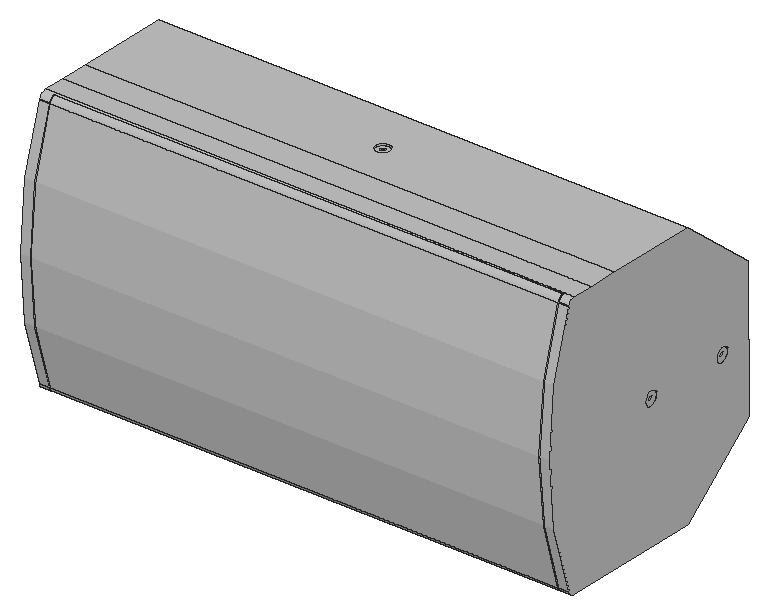
Revit family "Electronics_Community-Point-Source_Biamp_Loudspeaker_IC6_2082WR", category Communication Devices, host Face, Revit 2020
Family settings
  Host = Face
  Maintain Annotation Orientation = No
  Round Connector Dimension = Use Diameter
  Part Type = Normal
  OmniClass Number = 23.85.10.11.14.14.14
  OmniClass Title = Loudspeakers
  Cut with Voids When Loaded = No
  Shared = No
  Room Calculation Point = No
Parameters (values of type "Please download a type catalog")
  Width = 22.46"  # constant formula
  Weight = 0.00 lbf
  URL = "https://www.biamp.com/"
  Transducers = "LF 2 x 8 (203mm) ferrite driver, 1.5 (37mm) voice coil, HF 1 x 1 (25mm) exit, 1.7 (44mm) voice coil, ketone polymer diaphragm, neodymium compression driver"  # constant formula
  Recommended Amplifers = "300W -600W @ 16 ohms,  (69V - 98V)"  # constant formula
  Product data url = "https://www.bimobject.com/biamp/product/ic6-2082wr_community-point-source"
  Product Page URL = "https://www.biamp.com/products/product-families/community/point-source#ic6-2082wr"
  Product Documentation Link = ""
  Operating Range = ""
  Operating Mode = "Low Impedance or 70V/100V models"  # constant formula
  Operating Environment = "Indoor or Weather-Resistant Outdoor "  # constant formula
  Nominal Sensitivity = ""
  Nominal Maximum SPL = ""
  Nominal Beamwidth  (H x V) = ""
  Mounting Points = "M10 threaded inserts; M8 threaded inserts (rear)"  # constant formula
  Model = ""
  Manufacturer = "Biamp"  # constant formula
  Input Connection = "Screw terminal block (5-position)"  # constant formula
  Housing Material = Biamp - Plastic - Gray
  Height = 11.30"  # constant formula
  Grill Material = Biamp - Plastic - Gray(Grid)
  Equalized Sensitivity = ""
  Equalized Maximum SPL = ""
  Environmental = "Outdoor:  IP55W per IEC 60529, MIL-STD-810G"  # constant formula
  Description = "IC6-2082WR High Output Dual 8-Inch Two-Way Installation Loudspeaker"  # constant formula
  Depth = 10.62"  # constant formula
  Default Elevation = 48.00"
  Connector Description = ""
Reference planes (in)
  plane 1 "Center (Front/Back)": y = 0
  plane 2: z = 0
  plane 3 "Center (Left/Right)": x = 0
Forms (in)
  Extrusion 1, solid, material "Biamp - Plastic - Gray" <- "Housing Material", detail levels medium+fine
    sketch origin (0, 0.19725, 0) x (0, -1, 0) y (0, 0, 1)
      loop
        line (4.03942, 11.29972) -> (3.16528, 11.29972) -> (1.91528, 11.29972) -> (-1.95058, 11.29972) -> (-5.16, 8.6067) -> (-5.16, 2.69302) -> (-1.95058, 0) -> (4.03942, 0)
        arc (4.03942, 0) -> (4.25161, 0.06576) -> (4.38942, 0.24) r 0.37521
        arc (4.38942, 0.24) -> (5.39804, 5.64986) -> (4.38942, 11.05972) r 15.01257
        arc (4.38942, 11.05972) -> (4.3816, 11.07844) -> (4.37278, 11.09672) r 0.37521
        arc (4.37278, 11.09672) -> (4.23457, 11.24498) -> (4.03942, 11.29972) r 0.37521
    from -11.23 to 11.23
  Extrusion 2, void
    sketch origin (0, 0, 0) x (0, 1, 0) y (0, 0, 1)
      loop
        arc (-4.41092, 0.24) -> (-4.20229, 0.02765) -> (-3.90467, 0.03408) r 0.37521
        line (-3.90467, 0.03408) -> (-3.90467, 11.26564)
        arc (-3.90467, 11.26564) -> (-4.20229, 11.27207) -> (-4.41092, 11.05972) r 0.37521
        arc (-4.41092, 11.05972) -> (-5.41954, 5.64986) -> (-4.41092, 0.24) r 15.01257
    from -10.8 to 10.8
  Extrusion 3, solid, material "Biamp - Plastic - Gray(Grid)" <- "Grill Material", detail levels medium+fine
    sketch origin (0, 0, 0) x (0, 1, 0) y (0, 0, 1)
      loop
        arc (-4.19217, 0.24) -> (-4.09764, 0.10041) -> (-3.95154, 0.0163) r 0.37521
        arc (-3.95154, 0.0163) -> (-3.92781, 0.0244) -> (-3.90467, 0.03408) r 0.37521
        line (-3.90467, 0.03408) -> (-3.90467, 11.26564)
        arc (-3.90467, 11.26564) -> (-3.92781, 11.27532) -> (-3.95154, 11.28343) r 0.37521
        arc (-3.95154, 11.28343) -> (-4.09764, 11.19931) -> (-4.19217, 11.05972) r 0.37521
        arc (-4.19217, 11.05972) -> (-5.20079, 5.64986) -> (-4.19217, 0.24) r 15.01257
    from -10.8 to 10.8
  Extrusion 4, void
    sketch origin (0, 0, 0) x (0, 1, 0) y (0, 0, 1)
      loop
        circle (3.97725, 5.64986) r 0.31
      loop
        circle (0.19725, 5.64986) r 0.31
    from 11.18 to 11.23
  Extrusion 5, void
    sketch origin (0, 0, 0) x (0, 1, 0) y (0, 0, 1)
      loop
        circle (0.19725, 5.64986) r 0.1
      loop
        circle (3.97725, 5.64986) r 0.1
    from 11.16 to 11.18
  Extrusion 6, void
    sketch origin (0, 0, 0) x (0, 1, 0) y (0, 0, -1)
      loop
        circle (3.97725, -5.64986) r 0.31
      loop
        circle (0.19725, -5.64986) r 0.31
    from 11.18 to 11.23
  Extrusion 7, void
    sketch origin (0, 0, 0) x (0, 1, 0) y (0, 0, -1)
      loop
        circle (0.19725, -5.64986) r 0.1
      loop
        circle (3.97725, -5.64986) r 0.1
    from 11.16 to 11.18
  Extrusion 8, void
    sketch origin (0, 0, 0) x (1, 0, 0) y (0, 1, 0)
      loop
        circle (0, 0) r 0.31
    from 11.25 to 11.29972
  Extrusion 9, void
    sketch origin (0, 0, 0) x (1, 0, 0) y (0, 1, 0)
      loop
        circle (0, 0) r 0.1
    from 11.23 to 11.25
  Extrusion 10, void
    sketch origin (0, 0, 0) x (1, 0, 0) y (0, 0, 1)
      loop
        circle (9.85, 5.64986) r 0.31
    from -5.35725 to -5.31
  Extrusion 11, void
    sketch origin (0, 0, 0) x (1, 0, 0) y (0, 0, 1)
      loop
        circle (9.85, 5.64986) r 0.1
    from -5.29 to -5.31
  Extrusion 12, void
    sketch origin (0, 0, 0) x (-1, 0, 0) y (0, 0, -1)
      loop
        circle (9.85, -5.64986) r 0.31
    from -5.35725 to -5.31
  Extrusion 13, void
    sketch origin (0, 0, 0) x (-1, 0, 0) y (0, 0, -1)
      loop
        circle (9.85, -5.64986) r 0.1
      loop
        circle (3.5, -7.27486) r 0.1
      loop
        circle (3.5, -4.02486) r 0.1
      loop
        circle (1, -5.64986) r 0.1
      loop
        circle (-1.5, -7.27486) r 0.1
      loop
        circle (-1.5, -4.02486) r 0.1
    from -5.29 to -5.31
  Extrusion 14, void
    sketch origin (0, 0, 0) x (1, 0, 0) y (0, 0, 1)
      loop
        line (7.91, 4.02486) -> (7.91, 7.27486) -> (2.46, 7.27486) -> (2.46, 4.02486) -> (7.91, 4.02486)
    from -5.6056 to -5.07063
  Extrusion 15, void
    sketch origin (0, 0, 0) x (1, 0, 0) y (0, 0, 1)
      loop
        circle (-3.5, 7.27486) r 0.31
      loop
        circle (-3.5, 4.02486) r 0.31
      loop
        circle (1.5, 7.27486) r 0.31
      loop
        circle (1.5, 4.02486) r 0.31
      loop
        circle (-1, 5.64986) r 0.31
    from -5.36 to -5.31
  Extrusion 16, solid, material "Biamp - Plastic - Gray" <- "Housing Material", detail levels medium+fine
    sketch origin (0, 5.35725, 1.12488) x (0, 0, 1) y (1, 0, 0)
      loop
        line (4.27498, 7.46) -> (4.27498, 2.91) -> (4.77498, 2.91) -> (4.77498, 7.46) -> (4.27498, 7.46)
    from -0.28662 to -0.15846
  Extrusion 17, solid, material "Biamp - Plastic - Gray" <- "Housing Material", detail levels coarse
    sketch origin (0, 0, 0) x (0, 1, 0) y (0, 0, 1)
      loop
        line (2.14783, 11.29972) -> (-1.71803, 11.29972) -> (-2.96803, 11.29972) -> (-3.84217, 11.29972)
        arc (-3.84217, 11.29972) -> (-4.05436, 11.23396) -> (-4.19217, 11.05972) r 0.37521
        arc (-4.19217, 11.05972) -> (-5.20079, 5.64986) -> (-4.19217, 0.24) r 15.01257
        arc (-4.19217, 0.24) -> (-4.05436, 0.06576) -> (-3.84217, 0) r 0.37521
        line (-3.84217, 0) -> (2.14783, 0) -> (5.35725, 2.69302) -> (5.35725, 8.6067) -> (2.14783, 11.29972)
    from -11.23 to 11.23
Cuts and joins
  Extrusion 2, Extrusion 4, Extrusion 5, Extrusion 6, Extrusion 7, Extrusion 8, Extrusion 9, Extrusion 10, Extrusion 11, Extrusion 12, Extrusion 13, Extrusion 14, Extrusion 15 cuts Extrusion 1
  joined: Extrusion 1, Extrusion 16
  Extrusion 10, Extrusion 11, Extrusion 14, Extrusion 15 cuts Extrusion 3
Lines and regions (in)
  Masking region 1, detail levels medium+fine
    outline origin (0, 0, 0) x (1, 0, 0) y (0, 1, 0)
      loop
        line (-11.23, 5.35725) -> (-11.23, -5.20079) -> (11.23, -5.20079) -> (11.23, 5.35725) -> (-11.23, 5.35725)
  Masking region 2, detail levels coarse
    outline origin (0, 0, 0) x (1, 0, 0) y (0, 1, 0)
      loop
        line (-11.23, 5.35725) -> (-11.23, -5.20079) -> (11.23, -5.20079) -> (11.23, 5.35725) -> (-11.23, 5.35725)
  symbolic lines, detail levels medium+fine
    curve 1: arc (-0.31, 0, 0) -> (0, -0.31, 0) -> (0.31, 0, 0) r 0.31
    curve 2: arc (0.31, 0, 0) -> (0, 0.31, 0) -> (-0.31, 0, 0) r 0.31
    curve 3: arc (-0.1, 0, 0) -> (0, -0.1, 0) -> (0.1, 0, 0) r 0.1
    curve 4: arc (0.1, 0, 0) -> (0, 0.1, 0) -> (-0.1, 0, 0) r 0.1
    curve 5: line (-11.23, 2.14783, 0) -> (11.23, 2.14783, 0)
    curve 6: line (10.8, -5.20079, 0) -> (10.8, -3.90467, 0)
    curve 7: line (10.8, -3.90467, 0) -> (-10.8, -3.90467, 0)
    curve 8: line (-10.8, -3.90467, 0) -> (-10.8, -5.20079, 0)
Dimensions and locks (in)
  aligned and locked: plane 2 to host face
  aligned and locked: level to host face
Connectors (in)
  electrical at (5.185, 5.19879, 5.64986), driven by "Connector Description"
    settings: on Extrusion 16, index 1, voltage 0 V, apparent load 0 VA, apparent load phase1 0 VA, apparent load phase2 0 VA, apparent load phase3 0 VA, power factor 1, load classification "Other", number of poles 1, system type 5, power factor state 1, is connector primary yes, connector utility no, sub classification motor no, connector description ""
Types in the file's own list only (12): name | Width | Weight | Product Documentation Link | Operating Range | Operating Environment | Nominal Sensitivity | Nominal Maximum SPL | Nominal Beamwidth  (H x V) | Model | Housing Material | Height | Grill Material | Equalized Sensitivity | Equalized Maximum SPL | Depth | Default Elevation | Connector Description
  IC6-2082WR26 G | 22.46 " | 23.90 lbf | "https://downloads.biamp.com/assets/docs/default-source/data-sheets/biamp_data_sheet_community_ic6-2082-26.pdf" | "49 Hz to 20 kHz" | "Indoor or Weather-Resistant Outdoor" | "1W/1m - 92 dB; 2.83V - 92 dB" | "Peak - 130 dB; Continuosus - 124 dB" | "120° x  60°" | "IC6-2082WR26 G" | Biamp - Plastic - Gray | 11.30 " | Biamp - Plastic - Gray(Grid) | "1W/1m - 99 dB; 2.83V - 96 dB" | "Peak - 130 dB; Continuosus - 124 dB" | 10.62 " | 48.00 " | "Screw terminal block (5-position); Low impedance (16 ohm)"
  IC6-2082WR26 W | 22.46 " | 23.90 lbf | "https://downloads.biamp.com/assets/docs/default-source/data-sheets/biamp_data_sheet_community_ic6-2082-26.pdf" | "49 Hz to 20 kHz" | "Indoor or Weather-Resistant Outdoor" | "1W/1m - 92 dB; 2.83V - 92 dB" | "Peak - 130 dB; Continuosus - 124 dB" | "120° x  60°" | "IC6-2082WR26 W" | Biamp - Plastic - White | 11.30 " | Biamp - Plastic - White(Grid) | "1W/1m - 99 dB; 2.83V - 96 dB" | "Peak - 130 dB; Continuosus - 124 dB" | 10.62 " | 48.00 " | "Screw terminal block (5-position); Low impedance (16 ohm)"
  IC6-2082WR26 B | 22.46 " | 23.90 lbf | "https://downloads.biamp.com/assets/docs/default-source/data-sheets/biamp_data_sheet_community_ic6-2082-26.pdf" | "49 Hz to 20 kHz" | "Indoor or Weather-Resistant Outdoor" | "1W/1m - 92 dB; 2.83V - 92 dB" | "Peak - 130 dB; Continuosus - 124 dB" | "120° x  60°" | "IC6-2082WR26 B" | Biamp - Plastic - Black | 11.30 " | Biamp - Plastic - Black(Grid) | "1W/1m - 99 dB; 2.83V - 96 dB" | "Peak - 130 dB; Continuosus - 124 dB" | 10.62 " | 48.00 " | "Screw terminal block (5-position); Low impedance (16 ohm)"
  IC6-2082WR96 G | 22.46 " | 23.90 lbf | "https://downloads.biamp.com/assets/docs/default-source/data-sheets/biamp_data_sheet_community_ic6-2082-96.pdf" | "50 Hz to 19.5 kHz" | "Indoor or Weather-Resistant Outdoor" | "1W/1m - 100 dB; 2.83V - 97 dB" | "Peak - 131 dB; Continuosus - 125 dB" | "90° x  60°" | "IC6-2082WR96 G" | Biamp - Plastic - Gray | 11.30 " | Biamp - Plastic - Gray(Grid) | "1W/1m - 99 dB; 2.83V - 96 dB" | "Peak - 130 dB; Continuosus - 124 dB" | 10.62 " | 48.00 " | "Screw terminal block (5-position); Low impedance (16 ohm)"
  IC6-2082WR96 W | 22.46 " | 23.90 lbf | "https://downloads.biamp.com/assets/docs/default-source/data-sheets/biamp_data_sheet_community_ic6-2082-96.pdf" | "50 Hz to 19.5 kHz" | "Indoor or Weather-Resistant Outdoor" | "1W/1m - 100 dB; 2.83V - 97 dB" | "Peak - 131 dB; Continuosus - 125 dB" | "90° x  60°" | "IC6-2082WR96 W" | Biamp - Plastic - White | 11.30 " | Biamp - Plastic - White(Grid) | "1W/1m - 99 dB; 2.83V - 96 dB" | "Peak - 130 dB; Continuosus - 124 dB" | 10.62 " | 48.00 " | "Screw terminal block (5-position); Low impedance (16 ohm)"
  IC6-2082WR96 B | 22.46 " | 23.90 lbf | "https://downloads.biamp.com/assets/docs/default-source/data-sheets/biamp_data_sheet_community_ic6-2082-96.pdf" | "50 Hz to 19.5 kHz" | "Indoor or Weather-Resistant Outdoor" | "1W/1m - 100 dB; 2.83V - 97 dB" | "Peak - 131 dB; Continuosus - 125 dB" | "90° x  60°" | "IC6-2082WR96 B" | Biamp - Plastic - Black | 11.30 " | Biamp - Plastic - Black(Grid) | "1W/1m - 99 dB; 2.83V - 96 dB" | "Peak - 130 dB; Continuosus - 124 dB" | 10.62 " | 48.00 " | "Screw terminal block (5-position); Low impedance (16 ohm)"
  IC6-2082WT26 G | 22.46 " | 27.90 lbf | "https://downloads.biamp.com/assets/docs/default-source/data-sheets/biamp_data_sheet_community_ic6-2082-26.pdf" | "49 Hz to 20 kHz" | "Indoor or Weather-Resistant Outdoor" | "1W/1m - 92 dB; 2.83V - 92 dB" | "Peak - 130 dB; Continuosus - 124 dB" | "120° x  60°" | "IC6-2082WT26 G" | Biamp - Plastic - Gray | 11.30 " | Biamp - Plastic - Gray(Grid) | "1W/1m - 99 dB; 2.83V - 96 dB" | "Peak - 130 dB; Continuosus - 124 dB" | 10.62 " | 48.00 " | "Screw terminal block (5-position); 70/100V applications"
  IC6-2082WT26 W | 22.46 " | 27.90 lbf | "https://downloads.biamp.com/assets/docs/default-source/data-sheets/biamp_data_sheet_community_ic6-2082-26.pdf" | "49 Hz to 20 kHz" | "Indoor or Weather-Resistant Outdoor" | "1W/1m - 92 dB; 2.83V - 92 dB" | "Peak - 130 dB; Continuosus - 124 dB" | "120° x  60°" | "IC6-2082WT26 W" | Biamp - Plastic - White | 11.30 " | Biamp - Plastic - White(Grid) | "1W/1m - 99 dB; 2.83V - 96 dB" | "Peak - 130 dB; Continuosus - 124 dB" | 10.62 " | 48.00 " | "Screw terminal block (5-position); 70/100V applications"
  IC6-2082WT26 B | 22.46 " | 27.90 lbf | "https://downloads.biamp.com/assets/docs/default-source/data-sheets/biamp_data_sheet_community_ic6-2082-26.pdf" | "49 Hz to 20 kHz" | "Indoor or Weather-Resistant Outdoor" | "1W/1m - 92 dB; 2.83V - 92 dB" | "Peak - 130 dB; Continuosus - 124 dB" | "120° x  60°" | "IC6-2082WT26 B" | Biamp - Plastic - Black | 11.30 " | Biamp - Plastic - Black(Grid) | "1W/1m - 99 dB; 2.83V - 96 dB" | "Peak - 130 dB; Continuosus - 124 dB" | 10.62 " | 48.00 " | "Screw terminal block (5-position); 70/100V applications"
  IC6-2082WT96 G | 22.46 " | 27.90 lbf | "https://downloads.biamp.com/assets/docs/default-source/data-sheets/biamp_data_sheet_community_ic6-2082-96.pdf" | "50 Hz to 19.5 kHz" | "Indoor or Weather-Resistant Outdoor" | "1W/1m - 100 dB; 2.83V - 97 dB" | "Peak - 131 dB; Continuosus - 125 dB" | "90° x  60°" | "IC6-2082WT96 G" | Biamp - Plastic - Gray | 11.30 " | Biamp - Plastic - Gray(Grid) | "1W/1m - 99 dB; 2.83V - 96 dB" | "Peak - 130 dB; Continuosus - 124 dB" | 10.62 " | 48.00 " | "Screw terminal block (5-position); 70/100V applications"
  IC6-2082WT96 W | 22.46 " | 27.90 lbf | "https://downloads.biamp.com/assets/docs/default-source/data-sheets/biamp_data_sheet_community_ic6-2082-96.pdf" | "50 Hz to 19.5 kHz" | "Indoor or Weather-Resistant Outdoor" | "1W/1m - 100 dB; 2.83V - 97 dB" | "Peak - 131 dB; Continuosus - 125 dB" | "90° x  60°" | "IC6-2082WT96 W" | Biamp - Plastic - White | 11.30 " | Biamp - Plastic - White(Grid) | "1W/1m - 99 dB; 2.83V - 96 dB" | "Peak - 130 dB; Continuosus - 124 dB" | 10.62 " | 48.00 " | "Screw terminal block (5-position); 70/100V applications"
  IC6-2082WT96 B | 22.46 " | 27.90 lbf | "https://downloads.biamp.com/assets/docs/default-source/data-sheets/biamp_data_sheet_community_ic6-2082-96.pdf" | "50 Hz to 19.5 kHz" | "Indoor or Weather-Resistant Outdoor" | "1W/1m - 100 dB; 2.83V - 97 dB" | "Peak - 131 dB; Continuosus - 125 dB" | "90° x  60°" | "IC6-2082WT96 B" | Biamp - Plastic - Black | 11.30 " | Biamp - Plastic - Black(Grid) | "1W/1m - 99 dB; 2.83V - 96 dB" | "Peak - 130 dB; Continuosus - 124 dB" | 10.62 " | 48.00 " | "Screw terminal block (5-position); 70/100V applications"
